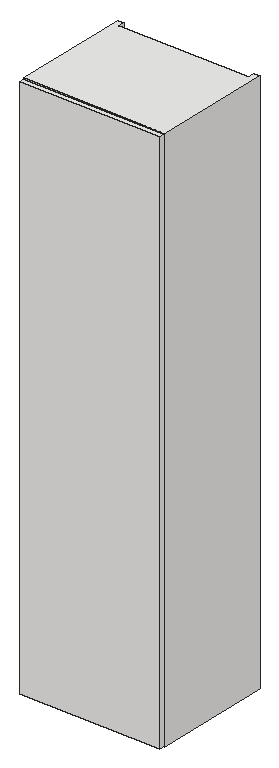
Revit family "Go high cabinet", category Furniture, Revit 2019
Family settings
  OmniClass Number = 23.40.20.00
  OmniClass Title = General Furniture and Specialties
  Work Plane-Based = No
  Always vertical = Yes
  Cut with Voids When Loaded = No
  Shared = No
  Room Calculation Point = No
Parameters (values of type "Go high cabinet white gloss")
  Width cabinet = 400 mm
  URL = "www.hafa.se"
  Model = "Go high cabinets"
  Material front = "MDF moisture resistant. E1 and FSC certified."
  Material door = 0 mm
  Material body = "Chip board moisture restistant. E1 and FSC certified."
  Manufacturer = "Hafa Bathroom Group AB"
  Height = 1550 mm
  GTIN = "7330027101958"
  Depth cabinet = 350 mm
  Color = NCS S 0300-N 90% gloss
  Article number = "1580302"
Types (4, lengths in mm): name | GTIN | Color | Article number
  (no name) | "7330027101958" | NCS S 0300-N 90% gloss | "1580302"
  Go high cabinet white matt | "7330027103679" | NCS S 0300-N 20% gloss | "1580300"
  Go high cabinet black matt | "7330027103686" | NCS S 9000-N 10% gloss | "1580301"
  Go high cabinet white gloss | "7330027101958" | NCS S 0300-N 90% gloss | "1580302"
Reference planes
  plane 1 "Center (Front/Back)": y = 0
  plane 2: z = 902
  plane 3 "Center (Left/Right)": x = 0
  plane 4: y = -350
  plane 5: x = -200
  plane 6: x = 200
  plane 7: y = -334
  plane 8: z = 900
  plane 9: z = -648
  plane 10: x = -184
  plane 11: x = 184
  plane 12: z = -632
  plane 13: z = 886
  plane 14: y = -21.3
  plane 15: y = -17.3
  plane 16: x = 198
  plane 17: x = -198
  plane 18: z = 127
  plane 19: x = -198
  plane 20: through (-184, -334, 2102) normal (0.6691, -0.7431, 0)
Forms (mm)
  Extrusion 1, solid, material "NCS S 0300-N 90% gloss" <- "Color"
    sketch origin (0, 0, 902) x (1, 0, 0) y (0, 1, 0)
      loop
        line (-200, 0) -> (-200, -334) -> (200, -334) -> (200, 0) -> (-200, 0)
    from 0 to -1552
  Extrusion 2, void
    sketch origin (0, 0, 0) x (1, 0, 0) y (0, 0, 1)
      loop
        line (-184, 886) -> (-184, -632) -> (184, -632) -> (184, 886) -> (-184, 886)
    from 21.3 to 334
  Extrusion 3, void
    sketch origin (0, 0, 0) x (1, 0, 0) y (0, 0, 1)
      loop
        line (-184, 902) -> (-184, -650) -> (184, -650) -> (184, 902) -> (-184, 902)
    from 0 to 17.3
  Extrusion 4, solid, material "NCS S 0300-N 90% gloss" <- "Color"
    sketch origin (0, 0, 0) x (1, 0, 0) y (0, 0, 1)
      loop
        line (198, -648) -> (198, 900) -> (-198, 900) -> (-198, -648) -> (198, -648)
    from 334 to 350
  Extrusion 5, void
    sketch origin (0, 760, 127) x (-1, 0, 0) y (0, 1, 0)
      loop
        line (184, -1094) -> (198, -1106.606) -> (198, -1094) -> (184, -1094)
    from 0 to 110
  Extrusion 6, void
    sketch origin (0, 760, 127) x (0, -1, 0) y (1, 0, 0)
      loop
        line (1094, -184) -> (1094, -198) -> (1106.606, -198) -> (1094, -184)
    from 0 to 110
Cuts and joins
  Extrusion 2, Extrusion 3, Extrusion 5, Extrusion 6 cuts Extrusion 1
  Extrusion 5, Extrusion 6 cuts Extrusion 4
Lines and regions (mm)
  reference lines
    curve 1: line (-200, 0, 902) -> (200, 0, 902)
    curve 2: line (-200, -334, 902) -> (-200, 0, 902)
    curve 3: line (200, -334, 902) -> (-200, -334, 902)
    curve 4: line (200, 0, 902) -> (200, -334, 902)
    curve 5: line (-184, 0, -632) -> (184, 0, -632)
    curve 6: line (-184, 0, -650) -> (-184, 0, -632)
    curve 7: line (184, 0, -650) -> (-184, 0, -650)
    curve 8: line (184, 0, -632) -> (184, 0, -650)
    curve 9: line (-184, 0, 886) -> (184, 0, 886)
    curve 10: line (-184, 0, -616) -> (-184, 0, 886)
    curve 11: line (184, 0, -616) -> (-184, 0, -616)
    curve 12: line (184, 0, 886) -> (184, 0, -616)
    curve 13: line (-184, -334, 902) -> (-198, -346.606, 902)
    curve 14: line (-198, -346.606, 902) -> (-198, -334, 902)
Dimensions and locks
  equal spacing: plane 5, plane 3 "Center (Left/Right)", plane 6
  "Width cabinet": plane 5 to plane 6
  plane 4 to plane 7 = 16 mm
  "Depth cabinet": plane 1 "Center (Front/Back)" to plane 4
  plane 9 to Extrusion 1 = 2 mm
  locked: level to plane 8 at 2
  locked: level to plane 13 at 16
  locked: plane 12 to plane 9 at 16
  locked: plane 6 to plane 11 at 16
  locked: plane 10 to plane 5 at 16
  locked: Extrusion 1 to plane 14 at 21.3
  locked: plane 1 "Center (Front/Back)" to plane 15 at 17.3
  locked: plane 5 to plane 17 at 2
  locked: plane 6 to plane 16 at 2
  "Height": level to plane 9
  equal spacing: level, plane 18, plane 9
  aligned and locked: level to plane 2
  aligned and locked: plane 1 "Center (Front/Back)" to curve 1
  aligned and locked: plane 5 to curve 2
  aligned and locked: plane 7 to curve 3
  aligned and locked: curve 4 to plane 6
  aligned and locked: Extrusion 1 sketch curve to curve 1
  aligned and locked: Extrusion 1 sketch curve to curve 2
  aligned and locked: Extrusion 1 sketch curve to curve 3
  aligned and locked: Extrusion 1 sketch curve to curve 4
  aligned and locked: curve 5 to plane 12
  aligned and locked: plane 10 to curve 6
  aligned and locked: curve 7 to Extrusion 1
  aligned and locked: curve 8 to plane 11
  aligned and locked: curve 9 to plane 13
  aligned and locked: plane 10 to curve 10
  aligned and locked: curve 12 to plane 11
  aligned and locked: Extrusion 2 sketch curve to curve 9
  aligned and locked: Extrusion 2 sketch curve to curve 10
  aligned and locked: Extrusion 2 sketch curve to curve 12
  aligned and locked: Extrusion 3 sketch curve to level
  aligned and locked: plane 10 to Extrusion 3 sketch curve
  aligned and locked: Extrusion 3 sketch curve to curve 8
  aligned and locked: plane 9 to Extrusion 4 sketch curve
  aligned and locked: Extrusion 4 sketch curve to plane 16
  aligned and locked: Extrusion 4 sketch curve to plane 8
  aligned and locked: Extrusion 4 sketch curve to plane 17
  aligned and locked: Extrusion 4 to curve 2
  aligned and locked: Extrusion 4 to plane 4
  aligned and locked: Extrusion 2 to curve 5
  aligned and locked: Extrusion 1 to Extrusion 3
  aligned and locked: plane 19 to Extrusion 4
  aligned and locked: plane 18 to Extrusion 5
Automatic sketch dimensions
  curve 13 to plane 17 = 0 mm
  curve 13 to plane 7 = 0 mm
  curve 13 to plane 10 = 0 mm
  plane 20 to curve 13 = 0 mm
  curve 8 to plane 9 = 2 mm
  curve 5 to curve 12 = 16 mm
  Extrusion 2 sketch curve to plane 12 = 0 mm
  Extrusion 3 sketch curve to plane 9 = 2 mm
  Extrusion 5 sketch curve to plane 7 = 0 mm
  Extrusion 5 sketch curve to plane 10 = 0 mm
  Extrusion 5 sketch curve to plane 17 = 0 mm
  plane 20 to Extrusion 5 sketch curve = 0 mm
  Extrusion 6 sketch curve to plane 7 = 0 mm
  Extrusion 6 sketch curve to plane 17 = 0 mm
  plane 20 to Extrusion 6 sketch curve = 0 mm
  Extrusion 6 sketch curve to plane 10 = 0 mm
